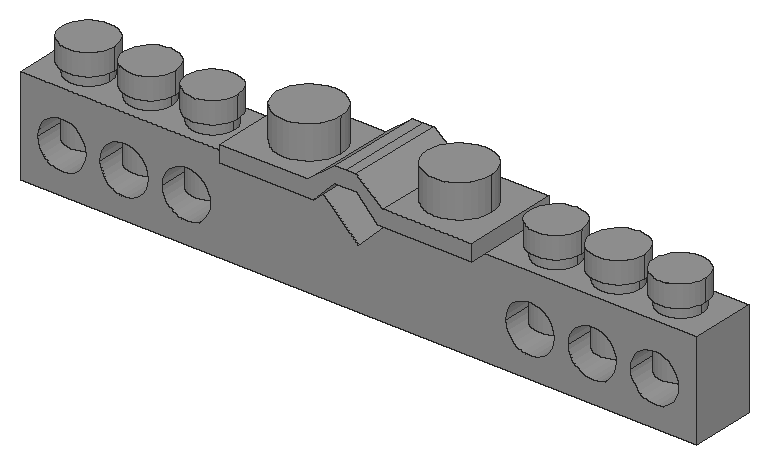
Revit family "Potentialausgleichsschiene für Badezimmer", category Generic Models, Revit 2015
Parameters (values of type "1804")
  Width = 6 mm
  URL = "http://www.obo-bettermann.com"
  Material 2 = Steel, Galvanized
  Material = Brass
  Manufacturer Art.No. = "5015553"
  Manufacturer = "OBO Bettermann"
  Length = 63 mm
  Height = 9 mm
  GTIN = "4012195378495"
  Article Type = "1804"
Reference planes
  plane 1 "Center (Front/Back)": y = 0
  plane 2: z = 0
  plane 3 "Center (Left/Right)": x = 0
  plane 4: y = 3
  plane 5: y = -3
  plane 6: z = 4.2
  plane 7: z = 3.5
  plane 8: z = 10
  plane 9: z = 12
  plane 10: y = 4.5
  plane 11: y = -4.5
  plane 12: z = 1.5
  plane 13: z = 13.6
Forms (mm)
  Extrusion 1, solid, material "Brass" <- "Material"
    sketch origin (0, 0, 0) x (1, 0, 0) y (0, 0, 1)
      loop
        line (-31.5, 9) -> (-31.5, 0) -> (31.5, 0) -> (31.5, 9) -> (-31.5, 9)
    from -3 to 3
  Extrusion 2, void
    sketch origin (0, 0, 0) x (1, 0, 0) y (0, 0, 1)
      loop
        circle (-27.6, 4.2) r 2.25
      loop
        circle (-21.8, 4.2) r 2.25
      loop
        circle (-16, 4.2) r 2.25
      loop
        circle (27.6, 4.2) r 2.25
      loop
        circle (21.8, 4.2) r 2.25
      loop
        circle (16, 4.2) r 2.25
    from -3 to 3
  Extrusion 3, void
    sketch origin (0, 0, 0) x (1, 0, 0) y (0, 0, 1)
      loop
        line (3.5, 9) -> (-3.5, 9) -> (0, 5.5) -> (3.5, 9)
    from -3 to 3
  Extrusion 4, void
    sketch origin (0, 0, 0) x (1, 0, 0) y (0, 1, 0)
      loop
        circle (-27.554, 0) r 2
      loop
        circle (-21.8, 0) r 2
      loop
        circle (-16, 0) r 2
      loop
        circle (27.554, 0) r 2
      loop
        circle (21.8, 0) r 2
      loop
        circle (16, 0) r 2
    from 4.2 to 9
  Extrusion 5, solid, material "Steel, Galvanized" <- "Material 2"
    sketch origin (0, 0, 0) x (1, 0, 0) y (0, 1, 0)
      loop
        circle (-27.554, 0) r 2
      loop
        circle (-21.8, 0) r 2
      loop
        circle (-16, 0) r 2
      loop
        circle (16, 0) r 2
      loop
        circle (21.8, 0) r 2
      loop
        circle (27.554, 0) r 2
    from 3.5 to 10
  Extrusion 6, solid, material "Steel, Galvanized" <- "Material 2"
    sketch origin (0, 0, 0) x (1, 0, 0) y (0, 1, 0)
      loop
        circle (-27.554, 0) r 2.426
      loop
        circle (-21.8, 0) r 2.358
      loop
        circle (-16, 0) r 2.35
      loop
        circle (16, 0) r 2.391
      loop
        circle (21.8, 0) r 2.449
      loop
        circle (27.554, 0) r 2.365
    from 10 to 12
  Extrusion 7, solid, material "Steel, Galvanized" <- "Material 2"
    sketch origin (0, 0, 0) x (1, 0, 0) y (0, 0, 1)
      loop
        line (-11.75, 9) -> (-3, 9) -> (-1, 11) -> (0, 11) -> (1, 11) -> (3, 9) -> (11.75, 9) -> (11.75, 10.5) -> (3.5, 10.5) -> (0.973, 12.5) -> (0, 12.5) -> (-0.973, 12.5) -> (-3.5, 10.5) -> (-11.75, 10.5) -> (-11.75, 9)
    from -4.5 to 4.5
  Extrusion 8, void
    sketch origin (0, 0, 0) x (1, 0, 0) y (0, 1, 0)
      loop
        circle (-7, 0) r 1.65
      loop
        circle (7, 0) r 1.65
    from 0 to 10.5
  Extrusion 9, solid, material "Steel, Galvanized" <- "Material 2"
    sketch origin (0, 0, 0) x (1, 0, 0) y (0, 1, 0)
      loop
        circle (-7, 0) r 1.65
      loop
        circle (7, 0) r 1.65
    from 1.5 to 10.5
  Extrusion 10, solid, material "Steel, Galvanized" <- "Material 2"
    sketch origin (0, 0, 0) x (1, 0, 0) y (0, 1, 0)
      loop
        circle (-7, 0) r 2.983
      loop
        circle (7, 0) r 2.971
    from 10.5 to 13.6
Cuts and joins
  Extrusion 2, Extrusion 3, Extrusion 4, Extrusion 8 cuts Extrusion 1
  Extrusion 8 cuts Extrusion 7
Dimensions and locks
  "Length": Extrusion 1 sketch curve to Extrusion 1 sketch curve
  equal spacing: Extrusion 1 sketch curve, plane 3 "Center (Left/Right)", Extrusion 1 sketch curve, locked at 31.5 each
  "Height": Extrusion 1 sketch curve to level
  "Width": plane 4 to plane 5
  locked: plane 4 to plane 1 "Center (Front/Back)" at 3
  locked: Extrusion 2 sketch curve to Extrusion 1 at 4.2  (x3)
  locked: Extrusion 1 to Extrusion 2 sketch curve at 3.9
  locked: Extrusion 1 to Extrusion 2 sketch curve at 9.7
  locked: Extrusion 1 to Extrusion 2 sketch curve at 15.5
  locked: Extrusion 3 sketch curve to Extrusion 3 sketch curve at 7
  locked: plane 3 "Center (Left/Right)" to Extrusion 3 sketch curve at 3.5
  locked: cut or joined group of Extrusion 1, Extrusion 2, Extrusion 3, Extrusion 4, Extrusion 8 to Extrusion 4 sketch curve at 3.946
  locked: cut or joined group of Extrusion 1, Extrusion 2, Extrusion 3, Extrusion 4, Extrusion 8 to Extrusion 4 sketch curve at 9.7
  locked: cut or joined group of Extrusion 1, Extrusion 2, Extrusion 3, Extrusion 4, Extrusion 8 to Extrusion 4 sketch curve at 15.5
  locked: plane 6 to level at 4.2
  locked: cut or joined group of Extrusion 1, Extrusion 2, Extrusion 3, Extrusion 4, Extrusion 8 to plane 7 at 5.5
  locked: plane 8 to cut or joined group of Extrusion 1, Extrusion 2, Extrusion 3, Extrusion 4, Extrusion 8 at 1
  locked: plane 9 to plane 8 at 2
  locked: Extrusion 7 sketch curve to Extrusion 7 sketch curve at 8.75  (x2)
  locked: cut or joined group of Extrusion 1, Extrusion 2, Extrusion 3, Extrusion 4, Extrusion 8 to Extrusion 7 sketch curve at 19.75
  locked: plane 3 "Center (Left/Right)" to Extrusion 7 sketch curve at 1
  locked: Extrusion 7 sketch curve to cut or joined group of Extrusion 1, Extrusion 2, Extrusion 3, Extrusion 4, Extrusion 8 at 2
  locked: Extrusion 7 sketch curve to Extrusion 7 sketch curve at 8.25  (x2)
  locked: plane 10 to plane 11 at 9
  locked: plane 10 to plane 1 "Center (Front/Back)" at 4.5
  locked: Extrusion 8 sketch curve to plane 3 "Center (Left/Right)" at 7
  locked: cut or joined group of Extrusion 1, Extrusion 2, Extrusion 3, Extrusion 4, Extrusion 8 to Extrusion 8 sketch curve at 3
  locked: plane 12 to cut or joined group of Extrusion 1, Extrusion 2, Extrusion 3, Extrusion 4, Extrusion 8 at 1.5
  locked: plane 13 to cut or joined group of Extrusion 7, Extrusion 8 at 3.1
  diameter of Extrusion 2 sketch curve = 4.5 mm  (x3)
  aligned and locked: level to plane 2
  aligned and locked: level to Extrusion 1 sketch curve
  aligned and locked: plane 4 to Extrusion 1
  aligned and locked: Extrusion 1 to plane 5
  aligned and locked: cut or joined group of Extrusion 1, Extrusion 2, Extrusion 3, Extrusion 4, Extrusion 8 to Extrusion 3 sketch curve
  aligned and locked: Extrusion 1 to Extrusion 3  (x2)
  aligned and locked: Extrusion 1 to Extrusion 2  (x2)
  aligned and locked: Extrusion 4 to plane 6
  aligned and locked: Extrusion 1 to Extrusion 4
  aligned and locked: Extrusion 5 to plane 7
  aligned and locked: plane 8 to Extrusion 5
  aligned and locked: Extrusion 6 to Extrusion 5
  aligned and locked: plane 9 to Extrusion 6
  aligned and locked: plane 3 "Center (Left/Right)" to Extrusion 7 sketch curve
  aligned and locked: plane 10 to Extrusion 7
  aligned and locked: Extrusion 7 to plane 11
  aligned and locked: Extrusion 8 to level
  aligned and locked: cut or joined group of Extrusion 7, Extrusion 8 to Extrusion 8
  aligned and locked: cut or joined group of Extrusion 7, Extrusion 8 to Extrusion 9
  aligned and locked: Extrusion 9 to plane 12
  aligned and locked: Extrusion 10 to cut or joined group of Extrusion 7, Extrusion 8
  aligned and locked: plane 13 to Extrusion 10
Automatic sketch dimensions
  plane 1 "Center (Front/Back)" to Extrusion 5 sketch curve = 0 mm  (x6)
  Extrusion 5 sketch curve to plane 3 "Center (Left/Right)" = 27.554 mm
  Extrusion 5 sketch curve to Extrusion 5 sketch curve = 5.754 mm  (x2)
  Extrusion 5 sketch curve to Extrusion 5 sketch curve = 5.8 mm  (x2)
  plane 3 "Center (Left/Right)" to Extrusion 5 sketch curve = 16 mm
  plane 1 "Center (Front/Back)" to Extrusion 6 sketch curve = 0 mm  (x6)
  Extrusion 6 sketch curve to plane 3 "Center (Left/Right)" = 27.554 mm
  Extrusion 6 sketch curve to Extrusion 6 sketch curve = 5.754 mm  (x2)
  Extrusion 6 sketch curve to Extrusion 6 sketch curve = 5.8 mm  (x2)
  plane 3 "Center (Left/Right)" to Extrusion 6 sketch curve = 16 mm
  Extrusion 2 sketch curve to plane 6 = 0 mm  (x3)
  plane 3 "Center (Left/Right)" to Extrusion 2 sketch curve = 16 mm
  Extrusion 2 sketch curve to Extrusion 2 sketch curve = 5.8 mm  (x2)
  Extrusion 3 sketch curve to plane 3 "Center (Left/Right)" = 0 mm
  plane 1 "Center (Front/Back)" to Extrusion 4 sketch curve = 0 mm  (x6)
  plane 3 "Center (Left/Right)" to Extrusion 4 sketch curve = 16 mm
  Extrusion 4 sketch curve to Extrusion 4 sketch curve = 5.8 mm
  Extrusion 4 sketch curve to Extrusion 4 sketch curve = 5.754 mm
  Extrusion 7 sketch curve to plane 3 "Center (Left/Right)" = 0 mm
  Extrusion 7 sketch curve to plane 3 "Center (Left/Right)" = 0.973 mm
  Extrusion 7 sketch curve to Extrusion 7 sketch curve = 0.973 mm
  plane 3 "Center (Left/Right)" to Extrusion 7 sketch curve = 1 mm
  Extrusion 7 sketch curve to plane 8 = 1 mm  (x2)
  Extrusion 7 sketch curve to Extrusion 7 sketch curve = 2 mm
  plane 8 to Extrusion 7 sketch curve = 0.5 mm  (x2)
  plane 9 to Extrusion 7 sketch curve = 0.5 mm
  plane 1 "Center (Front/Back)" to Extrusion 8 sketch curve = 0 mm
  plane 3 "Center (Left/Right)" to Extrusion 8 sketch curve = 7 mm
  plane 1 "Center (Front/Back)" to Extrusion 9 sketch curve = 0 mm  (x2)
  Extrusion 9 sketch curve to plane 3 "Center (Left/Right)" = 7 mm
  plane 3 "Center (Left/Right)" to Extrusion 9 sketch curve = 7 mm
  plane 1 "Center (Front/Back)" to Extrusion 10 sketch curve = 0 mm  (x2)
  Extrusion 10 sketch curve to plane 3 "Center (Left/Right)" = 7 mm
  plane 3 "Center (Left/Right)" to Extrusion 10 sketch curve = 7 mm
  radius of Extrusion 5 sketch curve = 2 mm  (x6)
  radius of Extrusion 6 sketch curve = 2.426 mm
  radius of Extrusion 6 sketch curve = 2.358 mm
  radius of Extrusion 6 sketch curve = 2.35 mm
  radius of Extrusion 6 sketch curve = 2.391 mm
  radius of Extrusion 6 sketch curve = 2.449 mm
  radius of Extrusion 6 sketch curve = 2.365 mm
  radius of Extrusion 2 sketch curve = 2.25 mm  (x3)
  radius of Extrusion 4 sketch curve = 2 mm  (x6)
  radius of Extrusion 8 sketch curve = 1.65 mm  (x2)
  radius of Extrusion 9 sketch curve = 1.65 mm  (x2)
  radius of Extrusion 10 sketch curve = 2.983 mm
  radius of Extrusion 10 sketch curve = 2.971 mm
